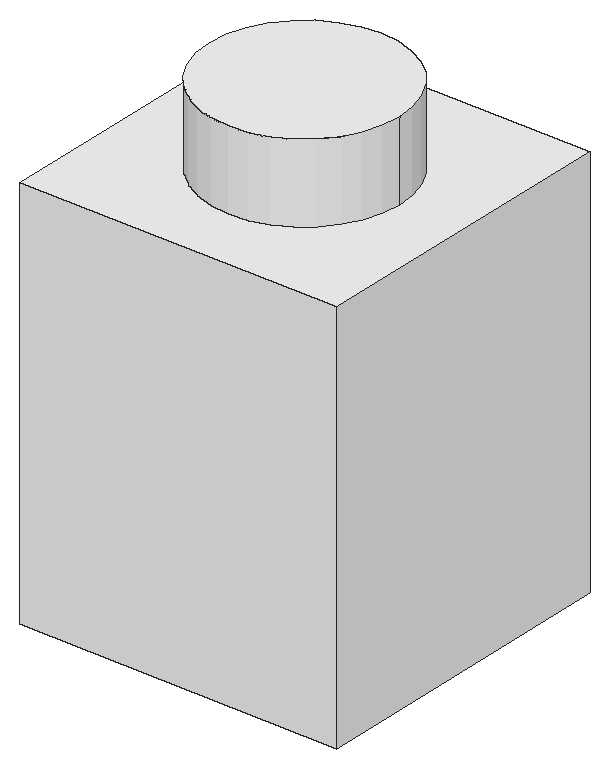
Revit family "LEGO Brick", category Generic Models, Revit 2023
Family settings
  Can host rebar = No
  Round Connector Dimension = Use Diameter
  Part Type = Normal
  Work Plane-Based = Yes
  Always vertical = Yes
  Cut with Voids When Loaded = No
  Maintain Annotation Orientation = No
  Shared = No
  Room Calculation Point = No
Parameters (values of type "1x1")
  Default Elevation = 121.92 cm
  Multiple Knobs = no
  Number of Knobs = if(Length > 160.0 cm, Length / 80.0 cm, 2)  # 2
  Width = 80.0 cm
  Length = 80.0 cm
  1 Knob = yes
  Knob Height = 20.0 cm
  Height = 100.0 cm
  Brick Colour [instance] = White Brick
Types (8, lengths in cm): name | Multiple Knobs | Number of Knobs | Length | 1 Knob
  1x2 | yes | 2 | 160.0 | no
  1x1 | no | 2 | 80.0 | yes
  1x3 | yes | 3 | 240.0 | no
  1x4 | yes | 4 | 320.0 | no
  1x6 | yes | 6 | 480.0 | no
  1x8 | yes | 8 | 640.0 | no
  1x16 | yes | 16 | 1280.0 | no
  1x10 | yes | 10 | 800.0 | no
Reference planes (cm)
  plane 1 "Center (Front/Back)": y = 0
  plane 2: z = 0
  plane 3: x = 0
  plane 4: x = 80
  plane 5: y = 80
  plane 6: y = 0.8
  plane 7: z = 120
  plane 8: y = 40
  plane 9: x = 40
  plane 10 "TOP": z = 100
  plane 11: x = 80
  plane 12: x = 80
  plane 13: x = 160
  plane 14: x = 160
Forms (cm)
  Extrusion 1, solid, material "White Brick" <- "Brick Colour"
    sketch origin (1.6, 0.8, 0) x (1, 0, 0) y (0, 1, 0)
      loop
        line (-1.6, 79.2) -> (-1.6, -0.8) -> (78.4, -0.8) -> (78.4, 79.2) -> (-1.6, 79.2)
    from 0 to 100 <- "Height"
  Extrusion 2, solid, material "White Brick" <- "Brick Colour", visible <- "Multiple Knobs"
    sketch origin (0, -0.8, 0) x (1, 0, 0) y (0, 1, 0)
      loop
        circle (40, 40.8) r 24
    from 100 to 120
  Extrusion 3, solid, material "White Brick" <- "Brick Colour", visible <- "1 Knob"
    sketch origin (0, -0.8429, -0.1) x (1, 0, 0) y (0, 1, 0)
      loop
        circle (40, 40.8) r 24
    from 100.1 to 120
  Extrusion 4, void
    sketch origin (0, 0, 0) x (1, 0, 0) y (0, 1, 0)
      loop
        line (5, 75) -> (5, 5) -> (75, 5) -> (75, 75) -> (5, 75)
    from 0 to 95
  Extrusion 5, solid, material "White Brick" <- "Brick Colour", visible <- "Multiple Knobs"
    sketch origin (80, -0.8, 0) x (1, 0, 0) y (0, 1, 0)
      loop
        circle (40, 40.8) r 24
    from 100 to 120
Cuts and joins
  Extrusion 4 cuts Extrusion 1
Lines and regions (cm)
  model lines, style "InvisibleLines", visible <- "Multiple Knobs"
    curve 1: line (80, 80, 0) -> (80, 0, 0)
    curve 2: line (160, 80, 0) -> (160, 0, 0)
    curve 3: line (80, 80, 100) -> (80, 0, 100)
    curve 4: line (160, 80, 100) -> (160, 0, 100)
Dimensions and locks (cm)
  plane 3 to plane 4 = 80.0 cm
  plane 5 to plane 1 "Center (Front/Back)" = 80.0 cm
  "Length": plane 3 to plane 4
  "Width": plane 1 "Center (Front/Back)" to plane 5
  equal spacing: plane 5, plane 8, plane 1 "Center (Front/Back)"
  equal spacing: plane 3, plane 9, plane 4
  locked: plane 3 to plane 12 at 80
  group 1 to group 2 = 80.0 cm
  group 1 to group 2 = 0.0 cm  (x2)
  aligned and locked: level to plane 2
  aligned and locked: Extrusion 1 sketch curve to plane 5
  aligned and locked: Extrusion 1 sketch curve to plane 4
Automatic sketch dimensions
  plane 1 "Center (Front/Back)" to Extrusion 1 sketch curve = 0.0 cm
  Extrusion 1 sketch curve to plane 3 = 0.0 cm
  Extrusion 3 sketch curve to plane 9 = 0.0 cm
  Extrusion 3 sketch curve to plane 8 = 0.0429 cm
  plane 3 to Extrusion 4 sketch curve = 5.0 cm
  Extrusion 4 sketch curve to plane 4 = 5.0 cm
  plane 6 to Extrusion 4 sketch curve = 4.2 cm
  Extrusion 4 sketch curve to plane 5 = 5.0 cm
  Extrusion 2 sketch curve to plane 11 = 40.0 cm
  Extrusion 5 sketch curve to plane 13 = 40.0 cm
  curve 1 to plane 12 = 0.0 cm
  curve 2 to plane 14 = 0.0 cm
  curve 1 to curve 1 = 80.0 cm
  curve 2 to curve 2 = 80.0 cm
  curve 3 to plane 12 = 0.0 cm
  curve 3 to curve 3 = 80.0 cm
  curve 4 to plane 14 = 0.0 cm
  curve 4 to curve 4 = 80.0 cm
  radius of Extrusion 2 sketch curve = 24.0 cm
  radius of Extrusion 3 sketch curve = 24.0 cm
  radius of Extrusion 5 sketch curve = 24.0 cm
